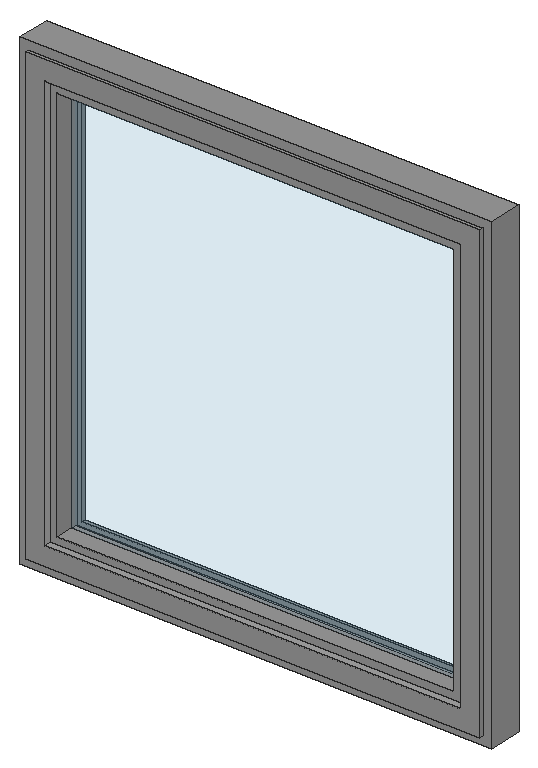
Revit family "Kawneer_Window_GT70s_Pos004", category Windows, host Wall, Revit 2020
Family settings
  Host = Wall
  OmniClass Number = 23.30.20.00
  OmniClass Title = Windows
  Always vertical = Yes
  Cut with Voids When Loaded = No
  Shared = No
  Room Calculation Point = No
Parameters (values of type "1000mm(w)x1000mm(h)")
  _ObjectUserGuide = "www.bimstore.co.uk"
  _DistributedBy = "www.bimstore.co.uk"
  _CurrentRevision = 1
  _CreatedBy = "https://www.bimstore.co/"
  _BimSpecGuid = 0
  _BSBibleVersion = 16
  _AuthorizedBy = "bimstore"
  _Author = "BS"
  WarrantyStartDate [instance] = "Please record on commissioning."
  WarrantyGuarantorParts = "kuk.kawneer@arconic.com"
  WarrantyGuarantorLabor = "kuk.kawneer@arconic.com"
  WarrantyDurationUnit = "Years"
  WarrantyDurationParts = "n/a"
  WarrantyDurationLabor = "n/a"
  WarrantyDescription = "Kawneer Lifetime Guarantee"
  WallThickness [instance] = 300 mm
  URL = "https://www.kawneer.com"
  TypeName = Model  # "GT70s - Pos 004"
  Type Comments = "1000mm(w)x1000mm(h)"
  TopPanel = 600 mm
  SpareParts = "n/a"
  Size = Type Comments  # "1000mm(w)x1000mm(h)"
  Shape = "Rectangle"
  SerialNumber [instance] = "Please record on commissioning."
  Rough Width = Width  # 1000 mm
  Rough Height = Height  # 1000 mm
  ReplacementCost = "n/a"
  ReferencedStandard = "n/a"
  ProductionYear = "2022"
  OffsetOutward [instance] = if(ExternalRevealDepth > 0 mm, 0 mm, 0 mm - ExternalRevealDepth)  # 0 mm
  OffsetInward [instance] = if(OffsetOutward = 0 mm, ExternalRevealDepth, 0 mm)  # 30 mm
  NominalLength = Width  # 1000 mm
  NominalHeight = Height  # 1000 mm
  NominalDepth = FrameDepth  # 72 mm
  NBSReference = "45-25-99/310"
  NBSOfficeMasterTag = "n/a"
  NBSObjectName = "Kawneer - Aluminium window units"
  NBSNote = "n/a"
  NBSDescription = "Aluminium window units"
  ModelReference = Type Comments  # "1000mm(w)x1000mm(h)"
  ModelNumber = Model  # "GT70s - Pos 004"
  Model = "GT70s - Pos 004"
  Material = "Aluminium"
  ManufacturerName = "Kawneer UK Limited"
  Manufacturer = "Kawneer UK Limited"
  Keynote = "L10/330"
  JambTolerance = 0 mm
  IronmongeryMaterial [instance] = Aluminum
  InternalRevealThickness = 5 mm
  InternalRevealDepth [instance] = WallThickness - ExternalRevealDepth - FrameDepth  # 198 mm
  InstallationDate [instance] = "Please record on commissioning."
  IfcExportType = "IfcWindowTypeEnum.WINDOW"
  IfcExportAs = "IfcWindow"
  Height = 1000 mm
  HeadTolerance = 0 mm
  HasCill [instance] = no
  Grade = "n/a"
  GlazingThickness = 28 mm  # constant formula
  GlazingMaterial [instance] = Kawneer Glass
  GlassThickness = 6 mm  # constant formula
  GlassOffset_EXT = 7 mm  # constant formula
  FrameWidth = 79 mm  # constant formula
  FrameMaterial [instance] = Aluminum
  Finish = "PPC"
  Features = "n/a"
  ExternalRevealDepth [instance] = 30 mm
  ExpectedLife = 0
  DurationUnit = "Years"
  DocumentationTechnical = "n/a"
  DocumentationMaintenance = "n/a"
  DocumentationLiterature = "https://www.kawneer.com"
  DocumentationInstallationGuide = "n/a"
  DocumentationCertificates = "n/a"
  Description = "Window"
  FrameDepth = 72 mm  # constant formula
  Default Cill Height = 800 mm
  Wall Closure = By host
  Width = 1000 mm
  CreatedOn = "12-09.2022 T09:00:00"
  CreatedBy = "kuk.kawneer@arconic.com"
  Constituents = "n/a"
  Color = "n/a"
  CodePerformance = "n/a"
  ClassificationValue = "Pr_30_59_98_02"
  ClassificationName = "Uniclass2015"
  CillHeight [instance] = if(HasCill, 30 mm, 0 mm)  # 0 mm
  BottomPanel = 600 mm
  BarCode [instance] = "Please record on commissioning."
  BIMObjectName = "Kawneer_Window_GT70s_Pos004"
  AssetType = "Fixed"
  AssetIdentifier [instance] = "n/a"
  Assembly Code = "B2020100"
  AccessibilityPerformance = "n/a"
Reference planes
  plane 1 "Center (Front/Back)": y = 0
  plane 2 "Center (Left/Right)": x = 0
  plane 3 "Left": x = -500
  plane 4 "Right": x = 500
  plane 5 "Sill": z = 800
  plane 6 "Head": z = 1800
  plane 7 "Exterior": y = 150
  plane 8 "Interior": y = -150
  plane 9 "Front": y = 120
  plane 10 "Frame Rear": y = 48
  plane 11 "Base": z = 800
  plane 12 "Offset Inward": y = 120
  plane 13: x = -495
  plane 14: x = 495
  plane 15 "7": z = 1795
  plane 16 "Int Wrap": y = 48
  plane 17 "CL": z = 1300
  plane 18 "JAMB TOL A": x = -500
  plane 19 "JAMB TOL B": x = 500
  plane 20 "HEAD TOL": z = 1800
  plane 21 "HEAD TOL E": z = 1721
  plane 22 "HEAD TOL F": z = 879
  plane 23 "Handle Int": y = 48
Forms (mm)
  Extrusion 1, void
    sketch origin (0, 0, 0) x (1, 0, 0) y (0, 1, 0)
      loop
        line (-495, 48) -> (-495, -150) -> (495, -150) -> (495, 48) -> (-495, 48)
    from 800 to 1795
  Extrusion 2, void
    sketch origin (0, 0, 0) x (1, 0, 0) y (0, 1, 0)
      loop
        line (-500, 150) -> (-500, 48) -> (500, 48) -> (500, 150) -> (-500, 150)
    from 800 to 1800
Lines and regions (mm)
  Masking region 1
    outline origin (-500, 0, 0) x (0, -1, 0) y (0, 0, 1)
      loop
        line (150, 1800) -> (-48, 1800) -> (-48, 1795) -> (150, 1795) -> (150, 1800)
Text (mm)
  text "EXTERIOR" at (-1963.203, 1332.353, 0), in view "Ref. Level"
  text "INTERIOR" at (-1981.466, -818.386, 0), in view "Ref. Level"
  text "Exterior" at (0, 923.751, 2943.296), in view "Right"
  text "Exterior" at (0, 1040.484, 2685.409), in view "Left"
Dimensions and locks
  equal spacing: plane 3 "Left", plane 2 "Center (Left/Right)", plane 4 "Right"
  "Width": plane 3 "Left" to plane 4 "Right"
  "Height": plane 5 "Sill" to plane 6 "Head"
  "Default Cill Height": plane 5 "Sill" to level
  locked: plane 7 "Exterior" to host wall
  locked: plane 8 "Interior" to host wall
  "FrameDepth": plane 9 "Front" to plane 10 "Frame Rear"
  "OffsetInward": plane 12 "Offset Inward" to plane 7 "Exterior"
  "OffsetOutward": plane 9 "Front" to plane 12 "Offset Inward"
  "InternalRevealThickness": plane 3 "Left" to plane 13
  "InternalRevealThickness": plane 14 to plane 4 "Right"
  "InternalRevealThickness": plane 6 "Head" to plane 15 "7"
  "InternalRevealDepth": plane 8 "Interior" to plane 16 "Int Wrap"
  "WallThickness": host wall to host wall
  equal spacing: plane 5 "Sill", plane 17 "CL", plane 6 "Head"
  "JambTolerance": plane 19 "JAMB TOL B" to plane 4 "Right"
  "JambTolerance": plane 3 "Left" to plane 18 "JAMB TOL A"
  "HeadTolerance": plane 20 "HEAD TOL" to plane 6 "Head"
  "FrameWidth": plane 21 "HEAD TOL E" to plane 20 "HEAD TOL"
  "FrameWidth": plane 11 "Base" to plane 22 "HEAD TOL F"
  "CillHeight": plane 5 "Sill" to plane 11 "Base"
  locked: plane 9 "Front" to plane 23 "Handle Int" at 72
  aligned and locked: Extrusion 1 sketch curve to plane 16 "Int Wrap"
  aligned and locked: Extrusion 1 sketch curve to plane 13
  aligned and locked: Extrusion 1 sketch curve to plane 14
  aligned and locked: Extrusion 1 sketch curve to plane 8 "Interior"
  aligned and locked: Extrusion 1 to plane 15 "7"
  aligned and locked: plane 5 "Sill" to Extrusion 1
  aligned and locked: Extrusion 2 sketch curve to plane 3 "Left"
  aligned and locked: plane 4 "Right" to Extrusion 2 sketch curve
  aligned and locked: plane 16 "Int Wrap" to Extrusion 2 sketch curve
  aligned and locked: Extrusion 2 to plane 6 "Head"
  aligned and locked: plane 5 "Sill" to Extrusion 2
  aligned and locked: plane 7 "Exterior" to Extrusion 2 sketch curve
  aligned and locked: plane 16 "Int Wrap" to Masking region 1 sketch curve
  aligned and locked: plane 15 "7" to Masking region 1 sketch curve
  aligned and locked: Masking region 1 sketch curve to plane 6 "Head"
  aligned and locked: host wall to Masking region 1 sketch curve
  aligned and locked: nested 1 to plane 20 "HEAD TOL"
  aligned and locked: nested 1 to plane 11 "Base"
  aligned and locked: nested 1 to plane 19 "JAMB TOL B"
  aligned and locked: plane 18 "JAMB TOL A" to nested 1
  aligned and locked: plane 9 "Front" to nested 1
Nested families
  nested 1: "Kawneer_GT70s_Pos004" at (500, 120, 1300) x (-1, 0, 0) z (0, 0, 1), FrameMaterial <- "FrameMaterial", GlassMaterial <- "GlazingMaterial", type "Kawneer_GT70s_Pos004"
    with Width 1000 mm, Height 1000 mm, GlassMaterial Kawneer Glass, FrameMaterial Aluminum
Definition of nested family "Kawneer_GT70s_Pos004"
  Parameters (values of type "Kawneer_GT70s_Pos004")
    Width [instance] = 1000 mm
    TopPanel = 600 mm
    Offset = 0 mm
    Height [instance] = 1000 mm
    GlassMaterial [instance] = none
    GPane = 6 mm
    FrameMaterial [instance] = none
    Default Elevation = 0 mm
    BottomPanel = 600 mm
  Reference planes
    plane 1 "Center (Front/Back)": y = 0
    plane 2: z = 0
    plane 3 "Center (Left/Right)": x = 0
    plane 4 "Frame Front": y = 0
    plane 5 "Frame": y = 72
    plane 6: x = 1000
    plane 7: z = 500
    plane 8: z = -500
    plane 9 "Glass Front": y = 7
    plane 10: y = 13
    plane 11: y = 29
    plane 12: y = 35
    plane 13 "CL": x = 500
    plane 14: x = 69
    plane 15: x = 931
    plane 16: z = 431
    plane 17: z = -431
  Forms (mm)
    Extrusion 1, solid, material <- "GlassMaterial"
      sketch origin (0, 0, 0) x (1, 0, 0) y (0, 1, 0)
        loop
          line (69, 35) -> (69, 29) -> (931, 29) -> (931, 35) -> (69, 35)
        loop
          line (69, 13) -> (69, 7) -> (931, 7) -> (931, 13) -> (69, 13)
      from -431 to 431
    Sweep 2, solid, material <- "FrameMaterial"
      path origin (0, 0, 0) x (-1, 0, 0) y (0, 0, 1)
        loop
          line (-1000, 500) -> (-1000, -500) -> (0, -500) -> (0, 500) -> (-1000, 500)
      profile "Kawneer_GT70s_JambOpen_Profile : Kawneer_GT70s_JambOpen_Profile" origin (1000, 0, 0) x (-1, 0, 0) y (0, 1, 0)
        loop
          line (0, 72) -> (0, 0) -> (39, 0) -> (39, 4.7) -> (51, 4.7) -> (51, 0) -> (79, 0) -> (79, 7) -> (69, 7) -> (69, 35) -> (79, 35) -> (79, 72) -> (64, 72) -> (58.398, 80) -> (18, 80) -> (18, 72) -> (0, 72)
  Lines and regions (mm)
    symbolic lines
      curve 1: line (79, 7, 421) -> (500, 7, -421)
      curve 2: line (500, 7, -421) -> (921, 7, 421)
  Dimensions and locks
    equal spacing: plane 7, level, plane 8
    "Height": plane 7 to plane 8
    "Width": plane 6 to plane 3 "Center (Left/Right)"
    locked: plane 5 "Frame" to plane 4 "Frame Front" at 72
    "Offset": plane 4 "Frame Front" to plane 1 "Center (Front/Back)"
    equal spacing: plane 6, plane 13 "CL", plane 3 "Center (Left/Right)"
    locked: plane 9 "Glass Front" to plane 4 "Frame Front" at 7
    locked: plane 12 to plane 9 "Glass Front" at 28
    "GPane": plane 12 to plane 11
    "GPane": plane 10 to plane 9 "Glass Front"
    locked: plane 14 to plane 3 "Center (Left/Right)" at 69
    locked: plane 6 to plane 15 at 69
    locked: plane 7 to plane 16 at 69
    locked: plane 17 to plane 8 at 69
    aligned and locked: level to plane 2
    aligned and locked: Extrusion 1 sketch curve to plane 12
    aligned and locked: plane 11 to Extrusion 1 sketch curve
    aligned and locked: Extrusion 1 sketch curve to plane 10
    aligned and locked: plane 9 "Glass Front" to Extrusion 1 sketch curve
    aligned and locked: plane 6 to nested 1
    aligned and locked: plane 4 "Frame Front" to nested 1
    aligned and locked: plane 3 "Center (Left/Right)" to nested 2
    aligned and locked: nested 2 to plane 4 "Frame Front"
    aligned and locked: plane 14 to Extrusion 1 sketch curve  (x2)
    aligned and locked: Extrusion 1 sketch curve to plane 15  (x2)
    aligned and locked: plane 6 to Sweep 2 sketch curve
    aligned and locked: plane 8 to Sweep 2 sketch curve
    aligned and locked: plane 7 to Sweep 2 sketch curve
    aligned and locked: plane 3 "Center (Left/Right)" to Sweep 2 sketch curve
    aligned and locked: nested 3 to plane 7
    aligned and locked: plane 5 "Frame" to nested 3
    aligned and locked: nested 4 to plane 8
    aligned and locked: nested 4 to plane 4 "Frame Front"
    aligned and locked: plane 16 to Extrusion 1
    aligned and locked: Extrusion 1 to plane 17
  Automatic sketch dimensions
    curve 2 to plane 13 "CL" = 0 mm
    plane 17 to curve 1 = 10 mm
    curve 2 to plane 15 = 10 mm
    plane 14 to curve 1 = 10 mm
    curve 2 to plane 16 = 10 mm
    curve 1 to plane 16 = 10 mm
  Nested families
    nested 1: "Kawneer_GT70s_Jamb" at (1000, 72, 0), type "Jamb Open"
      with Open yes
    nested 2: "Kawneer_GT70s_Jamb" at (0, 72, 0) x (-1, 0, 0) z (0, 0, 1), type "Jamb Open"
      with Open yes
    nested 3: "Kawneer_GT70s_Jamb" at (0, 72, 500) x (0, 0, 1) z (1, 0, 0), type "Jamb Open"
      with Open yes
    nested 4: "Kawneer_GT70s_Jamb" at (0, 72, -500) x (0, 0, -1) z (1, 0, 0), type "Jamb Open"
      with Open yes
  Definition of nested family "Kawneer_GT70s_Jamb"
    Parameters (values of type "Jamb Open")
      Open [instance] = yes
    Reference planes
      plane 1 "Center (Front/Back)": y = 0
      plane 2: z = 0
      plane 3 "Center (Left/Right)": x = 0
      plane 4: x = -79
      plane 5: x = -69
      plane 6: y = -37
      plane 7: y = -65
      plane 8: y = -72
    Lines and regions (mm)
      model lines, in view "Ref. Level", detail levels fine
        curve 1: arc (-15.5, -1.4, 0) -> (-15.641, -1.459, 0) -> (-15.7, -1.6, 0) r 0.2
        curve 2: arc (-15.7, -1.6, 0) -> (-15.759, -1.741, 0) -> (-15.9, -1.8, 0) r 0.2
        curve 3: arc (-17, -1.8, 0) -> (-17.141, -1.859, 0) -> (-17.2, -2, 0) r 0.2
        curve 4: arc (-17.2, -3.013, 0) -> (-17.259, -3.154, 0) -> (-17.4, -3.213, 0) r 0.2
        curve 5: arc (-17.4, -3.213, 0) -> (-17.541, -3.271, 0) -> (-17.6, -3.413, 0) r 0.2
        curve 6: arc (-17.6, -15.2, 0) -> (-17.541, -15.341, 0) -> (-17.4, -15.4, 0) r 0.2
        curve 7: arc (-17.4, -15.4, 0) -> (-17.259, -15.459, 0) -> (-17.2, -15.6, 0) r 0.2
        curve 8: arc (-17.2, -16.5, 0) -> (-17.141, -16.641, 0) -> (-17, -16.7, 0) r 0.2
        curve 9: arc (-16.273, -16.7, 0) -> (-16.173, -16.727, 0) -> (-16.1, -16.8, 0) r 0.2
        curve 10: arc (-16.1, -16.8, 0) -> (-16.027, -16.873, 0) -> (-15.927, -16.9, 0) r 0.2
        curve 11: arc (-8.073, -16.9, 0) -> (-7.973, -16.873, 0) -> (-7.9, -16.8, 0) r 0.2
        curve 12: arc (-7.9, -16.8, 0) -> (-7.827, -16.727, 0) -> (-7.727, -16.7, 0) r 0.2
        curve 13: arc (-7, -16.7, 0) -> (-6.859, -16.641, 0) -> (-6.8, -16.5, 0) r 0.2
        curve 14: arc (-6.8, -15.6, 0) -> (-6.741, -15.459, 0) -> (-6.6, -15.4, 0) r 0.2
        curve 15: arc (-6.6, -15.4, 0) -> (-6.459, -15.341, 0) -> (-6.4, -15.2, 0) r 0.2
        curve 16: arc (-6.4, -3.413, 0) -> (-6.459, -3.271, 0) -> (-6.6, -3.213, 0) r 0.2
        curve 17: arc (-6.6, -3.213, 0) -> (-6.741, -3.154, 0) -> (-6.8, -3.013, 0) r 0.2
        curve 18: arc (-6.8, -2, 0) -> (-6.859, -1.859, 0) -> (-7, -1.8, 0) r 0.2
        curve 19: arc (-8.1, -1.8, 0) -> (-8.241, -1.741, 0) -> (-8.3, -1.6, 0) r 0.2
        curve 20: arc (-8.3, -1.6, 0) -> (-8.359, -1.459, 0) -> (-8.5, -1.4, 0) r 0.2
        curve 21: arc (-0.5, 0, 0) -> (-0.146, -0.146, 0) -> (0, -0.5, 0) r 0.5
        curve 22: arc (0, -2.342, 0) -> (-0.333, -3.447, 0) -> (-1.222, -4.184, 0) r 2
        curve 23: arc (-1.222, -4.184, 0) -> (-1.411, -4.167, 0) -> (-1.5, -4, 0) r 0.2
        curve 24: arc (-1.5, -2.3, 0) -> (-1.646, -1.946, 0) -> (-2, -1.8, 0) r 0.5
        curve 25: arc (-4.5, -1.8, 0) -> (-4.854, -1.946, 0) -> (-5, -2.3, 0) r 0.5
        curve 26: arc (-5, -15.8, 0) -> (-4.854, -16.154, 0) -> (-4.5, -16.3, 0) r 0.5
        curve 27: arc (-2, -16.3, 0) -> (-1.646, -16.154, 0) -> (-1.5, -15.8, 0) r 0.5
        curve 28: arc (-1.5, -14.4, 0) -> (-1.406, -14.23, 0) -> (-1.212, -14.22, 0) r 0.2
        curve 29: arc (-1.212, -14.22, 0) -> (-0.474, -14.884, 0) -> (-0.2, -15.839, 0) r 1.8
        curve 30: arc (-0.2, -18.6, 0) -> (-0.493, -19.307, 0) -> (-1.2, -19.6, 0) r 1
        curve 31: arc (-1.3, -19.6, 0) -> (-1.441, -19.541, 0) -> (-1.5, -19.4, 0) r 0.2
        curve 32: arc (-1.5, -18.2, 0) -> (-1.559, -18.059, 0) -> (-1.7, -18, 0) r 0.2
        curve 33: arc (-4.3, -18, 0) -> (-4.795, -18.205, 0) -> (-5, -18.7, 0) r 0.7
        curve 34: arc (-5, -21.367, 0) -> (-5.15, -21.627, 0) -> (-5.45, -21.627, 0) r 0.3
        curve 35: arc (-7.18, -20.628, 0) -> (-7.288, -20.366, 0) -> (-7.027, -20.258, 0) r 0.2
        curve 36: arc (-6.413, -18.777, 0) -> (-6.432, -18.589, 0) -> (-6.598, -18.5, 0) r 0.2
        curve 37: arc (-10.2, -18.5, 0) -> (-10.341, -18.559, 0) -> (-10.4, -18.7, 0) r 0.2
        curve 38: arc (-9.614, -20.602, 0) -> (-9.384, -20.785, 0) -> (-9.584, -21, 0) r 0.2
        curve 39: arc (-9.961, -21, 0) -> (-10.754, -20.893, 0) -> (-11.49, -20.581, 0) r 3
        curve 40: arc (-11.49, -20.581, 0) -> (-12, -20.441, 0) -> (-12.51, -20.581, 0) r 1
        curve 41: arc (-12.51, -20.581, 0) -> (-13.246, -20.893, 0) -> (-14.039, -21, 0) r 3
        curve 42: arc (-14.416, -21, 0) -> (-14.615, -20.782, 0) -> (-14.381, -20.603, 0) r 0.2
        curve 43: arc (-13.6, -18.7, 0) -> (-13.659, -18.559, 0) -> (-13.8, -18.5, 0) r 0.2
        curve 44: arc (-17.402, -18.5, 0) -> (-17.568, -18.589, 0) -> (-17.587, -18.777, 0) r 0.2
        curve 45: arc (-16.973, -20.258, 0) -> (-16.712, -20.366, 0) -> (-16.82, -20.628, 0) r 0.2
        curve 46: arc (-18.55, -21.627, 0) -> (-18.85, -21.627, 0) -> (-19, -21.367, 0) r 0.3
        curve 47: arc (-19, -18.7, 0) -> (-19.205, -18.205, 0) -> (-19.7, -18, 0) r 0.7
        curve 48: arc (-22.3, -18, 0) -> (-22.441, -18.059, 0) -> (-22.5, -18.2, 0) r 0.2
        curve 49: arc (-22.5, -19.4, 0) -> (-22.559, -19.541, 0) -> (-22.7, -19.6, 0) r 0.2
        curve 50: arc (-22.8, -19.6, 0) -> (-23.507, -19.307, 0) -> (-23.8, -18.6, 0) r 1
        curve 51: arc (-23.8, -15.839, 0) -> (-23.526, -14.884, 0) -> (-22.788, -14.22, 0) r 1.8
        curve 52: arc (-22.788, -14.22, 0) -> (-22.594, -14.23, 0) -> (-22.5, -14.4, 0) r 0.2
        curve 53: arc (-22.5, -15.8, 0) -> (-22.354, -16.154, 0) -> (-22, -16.3, 0) r 0.5
        curve 54: arc (-19.5, -16.3, 0) -> (-19.146, -16.154, 0) -> (-19, -15.8, 0) r 0.5
        curve 55: arc (-19, -2.3, 0) -> (-19.146, -1.946, 0) -> (-19.5, -1.8, 0) r 0.5
        curve 56: arc (-22, -1.8, 0) -> (-22.354, -1.946, 0) -> (-22.5, -2.3, 0) r 0.5
        curve 57: arc (-22.5, -4, 0) -> (-22.589, -4.167, 0) -> (-22.778, -4.184, 0) r 0.2
        curve 58: arc (-22.778, -4.184, 0) -> (-23.667, -3.447, 0) -> (-24, -2.342, 0) r 2
        curve 59: arc (-24, -0.5, 0) -> (-23.854, -0.146, 0) -> (-23.5, 0, 0) r 0.5
        curve 60: arc (-15.25, -35.5, 0) -> (-15.674, -35.324, 0) -> (-15.85, -34.9, 0) r 0.6
        curve 61: arc (-15.85, -34.9, 0) -> (-15.674, -34.476, 0) -> (-15.25, -34.3, 0) r 0.6
        curve 62: arc (-6.964, -34.3, 0) -> (-6.608, -34.151, 0) -> (-6.464, -33.794, 0) r 0.5
        curve 63: arc (-6.464, -33.794, 0) -> (-6.545, -30.287, 0) -> (-6.697, -26.783, 0) r 172.05
        curve 64: arc (-6.697, -26.783, 0) -> (-6.905, -25.843, 0) -> (-7.395, -25.015, 0) r 3.049
        curve 65: arc (-8.779, -23.365, 0) -> (-9.328, -22.473, 0) -> (-9.481, -21.437, 0) r 2.599
        curve 66: arc (-9.481, -20.971, 0) -> (-9.498, -20.844, 0) -> (-9.548, -20.726, 0) r 0.5
        curve 67: arc (-10.4, -18.7, 0) -> (-10.341, -18.559, 0) -> (-10.2, -18.5, 0) r 0.2
        curve 68: arc (-9.179, -18.5, 0) -> (-8.92, -18.65, 0) -> (-8.92, -18.95, 0) r 0.3
        curve 69: arc (-8.92, -18.95, 0) -> (-8.4, -19.85, 0) -> (-7.88, -18.95, 0) r 0.6
        curve 70: arc (-7.88, -18.95, 0) -> (-7.88, -18.65, 0) -> (-7.621, -18.5, 0) r 0.3
        curve 71: arc (-6.8, -18.5, 0) -> (-6.659, -18.559, 0) -> (-6.6, -18.7, 0) r 0.2
        curve 72: arc (-7.103, -20.871, 0) -> (-6.886, -21.58, 0) -> (-6.355, -22.099, 0) r 1.5
        curve 73: arc (-5.55, -22.564, 0) -> (-5.184, -22.93, 0) -> (-5.05, -23.43, 0) r 1
        curve 74: arc (-5.05, -48.57, 0) -> (-5.184, -49.07, 0) -> (-5.55, -49.436, 0) r 1
        curve 75: arc (-6.355, -49.901, 0) -> (-6.886, -50.42, 0) -> (-7.103, -51.129, 0) r 1.5
        curve 76: arc (-6.6, -53.3, 0) -> (-6.659, -53.441, 0) -> (-6.8, -53.5, 0) r 0.2
        curve 77: arc (-7.621, -53.5, 0) -> (-7.88, -53.35, 0) -> (-7.88, -53.05, 0) r 0.3
        curve 78: arc (-7.88, -53.05, 0) -> (-8.4, -52.15, 0) -> (-8.92, -53.05, 0) r 0.6
        curve 79: arc (-8.92, -53.05, 0) -> (-8.92, -53.35, 0) -> (-9.179, -53.5, 0) r 0.3
        curve 80: arc (-10.2, -53.5, 0) -> (-10.341, -53.441, 0) -> (-10.4, -53.3, 0) r 0.2
        curve 81: arc (-9.548, -51.274, 0) -> (-9.498, -51.153, 0) -> (-9.481, -51.024, 0) r 0.5
        curve 82: arc (-9.481, -50.566, 0) -> (-9.301, -49.539, 0) -> (-8.78, -48.636, 0) r 2.996
        curve 83: arc (-7.395, -46.986, 0) -> (-6.902, -46.158, 0) -> (-6.697, -45.216, 0) r 3.002
        curve 84: arc (-6.697, -45.216, 0) -> (-6.512, -40.61, 0) -> (-6.45, -36, 0) r 172.47
        curve 85: arc (-6.45, -36, 0) -> (-6.596, -35.646, 0) -> (-6.95, -35.5, 0) r 0.5
        curve 86: arc (-8.15, -36.5, 0) -> (-7.726, -36.676, 0) -> (-7.55, -37.1, 0) r 0.6
        curve 87: arc (-7.55, -37.1, 0) -> (-7.726, -37.524, 0) -> (-8.15, -37.7, 0) r 0.6
        curve 88: arc (-17.036, -37.7, 0) -> (-17.392, -37.849, 0) -> (-17.536, -38.206, 0) r 0.5
        curve 89: arc (-17.536, -38.206, 0) -> (-17.455, -41.713, 0) -> (-17.303, -45.217, 0) r 172.05
        curve 90: arc (-17.303, -45.217, 0) -> (-17.095, -46.157, 0) -> (-16.605, -46.985, 0) r 3.049
        curve 91: arc (-15.221, -48.635, 0) -> (-14.672, -49.527, 0) -> (-14.519, -50.563, 0) r 2.599
        curve 92: arc (-14.519, -51.029, 0) -> (-14.502, -51.156, 0) -> (-14.452, -51.274, 0) r 0.5
        curve 93: arc (-13.6, -53.3, 0) -> (-13.659, -53.441, 0) -> (-13.8, -53.5, 0) r 0.2
        curve 94: arc (-14.821, -53.5, 0) -> (-15.08, -53.35, 0) -> (-15.08, -53.05, 0) r 0.3
        curve 95: arc (-15.08, -53.05, 0) -> (-15.6, -52.15, 0) -> (-16.12, -53.05, 0) r 0.6
        curve 96: arc (-16.12, -53.05, 0) -> (-16.12, -53.35, 0) -> (-16.379, -53.5, 0) r 0.3
        curve 97: arc (-17.2, -53.5, 0) -> (-17.341, -53.441, 0) -> (-17.4, -53.3, 0) r 0.2
        curve 98: arc (-16.897, -51.129, 0) -> (-17.114, -50.42, 0) -> (-17.645, -49.901, 0) r 1.5
        curve 99: arc (-18.45, -49.436, 0) -> (-18.816, -49.07, 0) -> (-18.95, -48.57, 0) r 1
        curve 100: arc (-18.95, -46.5, 0) -> (-19.093, -46.143, 0) -> (-19.45, -46, 0) r 0.49
        curve 101: arc (-22.15, -46, 0) -> (-22.362, -46.088, 0) -> (-22.45, -46.3, 0) r 0.3
        curve 102: arc (-22.45, -46.9, 0) -> (-22.596, -47.254, 0) -> (-22.95, -47.4, 0) r 0.5
        curve 103: arc (-22.95, -47.4, 0) -> (-23.304, -47.254, 0) -> (-23.45, -46.9, 0) r 0.5
        curve 104: arc (-23.45, -43.9, 0) -> (-23.303, -43.547, 0) -> (-22.95, -43.4, 0) r 0.502
        curve 105: arc (-22.95, -43.4, 0) -> (-22.596, -43.546, 0) -> (-22.45, -43.9, 0) r 0.5
        curve 106: arc (-22.45, -44.5, 0) -> (-22.362, -44.712, 0) -> (-22.15, -44.8, 0) r 0.3
        curve 107: arc (-19.45, -44.8, 0) -> (-19.096, -44.654, 0) -> (-18.95, -44.3, 0) r 0.5
        curve 108: arc (-18.95, -23.43, 0) -> (-18.816, -22.93, 0) -> (-18.45, -22.564, 0) r 1
        curve 109: arc (-17.645, -22.099, 0) -> (-17.114, -21.58, 0) -> (-16.897, -20.871, 0) r 1.5
        curve 110: arc (-17.4, -18.7, 0) -> (-17.341, -18.559, 0) -> (-17.2, -18.5, 0) r 0.2
        curve 111: arc (-16.379, -18.5, 0) -> (-16.12, -18.65, 0) -> (-16.12, -18.95, 0) r 0.3
        curve 112: arc (-16.12, -18.95, 0) -> (-15.6, -19.85, 0) -> (-15.08, -18.95, 0) r 0.6
        curve 113: arc (-15.08, -18.95, 0) -> (-15.08, -18.65, 0) -> (-14.821, -18.5, 0) r 0.3
        curve 114: arc (-13.8, -18.5, 0) -> (-13.659, -18.559, 0) -> (-13.6, -18.7, 0) r 0.2
        curve 115: arc (-14.452, -20.726, 0) -> (-14.502, -20.844, 0) -> (-14.519, -20.971, 0) r 0.5
        curve 116: arc (-14.519, -21.437, 0) -> (-14.7, -22.462, 0) -> (-15.22, -23.364, 0) r 2.996
        curve 117: arc (-16.605, -25.014, 0) -> (-17.098, -25.842, 0) -> (-17.303, -26.784, 0) r 3.002
        curve 118: arc (-17.303, -26.784, 0) -> (-17.488, -31.39, 0) -> (-17.55, -36, 0) r 172.47
        curve 119: arc (-17.55, -36, 0) -> (-17.404, -36.354, 0) -> (-17.05, -36.5, 0) r 0.5
        curve 120: arc (-8.5, -70.6, 0) -> (-8.359, -70.541, 0) -> (-8.3, -70.4, 0) r 0.2
        curve 121: arc (-8.3, -70.4, 0) -> (-8.241, -70.259, 0) -> (-8.1, -70.2, 0) r 0.2
        curve 122: arc (-7, -70.2, 0) -> (-6.859, -70.141, 0) -> (-6.8, -70, 0) r 0.2
        curve 123: arc (-6.8, -68.9, 0) -> (-6.741, -68.759, 0) -> (-6.6, -68.7, 0) r 0.2
        curve 124: arc (-6.6, -68.7, 0) -> (-6.459, -68.641, 0) -> (-6.4, -68.5, 0) r 0.2
        curve 125: arc (-6.4, -57, 0) -> (-6.459, -56.859, 0) -> (-6.6, -56.8, 0) r 0.2
        curve 126: arc (-6.6, -56.8, 0) -> (-6.741, -56.741, 0) -> (-6.8, -56.6, 0) r 0.2
        curve 127: arc (-6.8, -55.5, 0) -> (-6.859, -55.359, 0) -> (-7, -55.3, 0) r 0.2
        curve 128: arc (-8.1, -55.3, 0) -> (-8.2, -55.273, 0) -> (-8.273, -55.2, 0) r 0.2
        curve 129: arc (-8.273, -55.2, 0) -> (-8.346, -55.127, 0) -> (-8.446, -55.1, 0) r 0.2
        curve 130: arc (-15.554, -55.1, 0) -> (-15.654, -55.127, 0) -> (-15.727, -55.2, 0) r 0.2
        curve 131: arc (-15.727, -55.2, 0) -> (-15.8, -55.273, 0) -> (-15.9, -55.3, 0) r 0.2
        curve 132: arc (-17, -55.3, 0) -> (-17.141, -55.359, 0) -> (-17.2, -55.5, 0) r 0.2
        curve 133: arc (-17.2, -56.6, 0) -> (-17.259, -56.741, 0) -> (-17.4, -56.8, 0) r 0.2
        curve 134: arc (-17.4, -56.8, 0) -> (-17.541, -56.859, 0) -> (-17.6, -57, 0) r 0.2
        curve 135: arc (-17.6, -68.5, 0) -> (-17.541, -68.641, 0) -> (-17.4, -68.7, 0) r 0.2
        curve 136: arc (-17.4, -68.7, 0) -> (-17.259, -68.759, 0) -> (-17.2, -68.9, 0) r 0.2
        curve 137: arc (-17.2, -70, 0) -> (-17.141, -70.141, 0) -> (-17, -70.2, 0) r 0.2
        curve 138: arc (-15.9, -70.2, 0) -> (-15.759, -70.259, 0) -> (-15.7, -70.4, 0) r 0.2
        curve 139: arc (-15.7, -70.4, 0) -> (-15.641, -70.541, 0) -> (-15.5, -70.6, 0) r 0.2
        curve 140: arc (-38.5, -72, 0) -> (-38.854, -71.854, 0) -> (-39, -71.5, 0) r 0.5
        curve 141: arc (-39, -68.5, 0) -> (-38.854, -68.146, 0) -> (-38.5, -68, 0) r 0.5
        curve 142: arc (-37, -68, 0) -> (-36.646, -68.146, 0) -> (-36.5, -68.5, 0) r 0.5
        curve 143: arc (-36.5, -68.8, 0) -> (-36.559, -68.941, 0) -> (-36.7, -69, 0) r 0.2
        curve 144: arc (-37.3, -69, 0) -> (-37.654, -69.146, 0) -> (-37.8, -69.5, 0) r 0.5
        curve 145: arc (-37.8, -70.1, 0) -> (-37.654, -70.454, 0) -> (-37.3, -70.6, 0) r 0.5
        curve 146: arc (-32.7, -70.6, 0) -> (-32.346, -70.454, 0) -> (-32.2, -70.1, 0) r 0.5
        curve 147: arc (-32.2, -69.5, 0) -> (-32.346, -69.146, 0) -> (-32.7, -69, 0) r 0.5
        curve 148: arc (-33.3, -69, 0) -> (-33.441, -68.941, 0) -> (-33.5, -68.8, 0) r 0.2
        curve 149: arc (-33.5, -68.5, 0) -> (-33.354, -68.146, 0) -> (-33, -68, 0) r 0.5
        curve 150: arc (-29.9, -68, 0) -> (-29.5, -68.4, 0) -> (-29.9, -68.8, 0) r 0.4
        curve 151: arc (-30.8, -68.8, 0) -> (-30.941, -68.859, 0) -> (-31, -69, 0) r 0.2
        curve 152: arc (-31, -69.9, 0) -> (-30.854, -70.254, 0) -> (-30.5, -70.4, 0) r 0.5
        curve 153: arc (-19.489, -70.211, 0) -> (-19.143, -70.061, 0) -> (-19, -69.711, 0) r 0.5
        curve 154: arc (-19, -56.2, 0) -> (-19.146, -55.846, 0) -> (-19.5, -55.7, 0) r 0.5
        curve 155: arc (-22.3, -55.7, 0) -> (-22.441, -55.759, 0) -> (-22.5, -55.9, 0) r 0.2
        curve 156: arc (-22.5, -57.094, 0) -> (-22.559, -57.235, 0) -> (-22.7, -57.294, 0) r 0.2
        curve 157: arc (-22.7, -57.294, 0) -> (-23.266, -57.059, 0) -> (-23.5, -56.494, 0) r 0.8
        curve 158: arc (-23.5, -53.3, 0) -> (-23, -52.8, 0) -> (-22.5, -53.3, 0) r 0.5
        curve 159: arc (-22.5, -53.9, 0) -> (-22.412, -54.112, 0) -> (-22.2, -54.2, 0) r 0.3
        curve 160: arc (-19.7, -54.2, 0) -> (-19.205, -53.995, 0) -> (-19, -53.5, 0) r 0.7
        curve 161: arc (-19, -50.633, 0) -> (-18.85, -50.373, 0) -> (-18.55, -50.373, 0) r 0.3
        curve 162: arc (-16.82, -51.372, 0) -> (-16.712, -51.634, 0) -> (-16.973, -51.742, 0) r 0.2
        curve 163: arc (-17.587, -53.223, 0) -> (-17.568, -53.411, 0) -> (-17.402, -53.5, 0) r 0.2
        curve 164: arc (-13.8, -53.5, 0) -> (-13.659, -53.441, 0) -> (-13.6, -53.3, 0) r 0.2
        curve 165: arc (-14.386, -51.398, 0) -> (-14.616, -51.215, 0) -> (-14.416, -51, 0) r 0.2
        curve 166: arc (-14.039, -51, 0) -> (-13.246, -51.107, 0) -> (-12.51, -51.419, 0) r 3
        curve 167: arc (-12.51, -51.419, 0) -> (-12, -51.559, 0) -> (-11.49, -51.419, 0) r 1
        curve 168: arc (-11.49, -51.419, 0) -> (-10.754, -51.107, 0) -> (-9.961, -51, 0) r 3
        curve 169: arc (-9.584, -51, 0) -> (-9.385, -51.217, 0) -> (-9.618, -51.397, 0) r 0.2
        curve 170: arc (-10.4, -53.3, 0) -> (-10.341, -53.441, 0) -> (-10.2, -53.5, 0) r 0.2
        curve 171: arc (-6.598, -53.5, 0) -> (-6.432, -53.411, 0) -> (-6.413, -53.223, 0) r 0.2
        curve 172: arc (-7.027, -51.742, 0) -> (-7.288, -51.634, 0) -> (-7.18, -51.372, 0) r 0.2
        curve 173: arc (-5.45, -50.373, 0) -> (-5.15, -50.373, 0) -> (-5, -50.633, 0) r 0.3
        curve 174: arc (-5, -53.3, 0) -> (-4.795, -53.795, 0) -> (-4.3, -54, 0) r 0.7
        curve 175: arc (-1.7, -54, 0) -> (-1.559, -53.941, 0) -> (-1.5, -53.8, 0) r 0.2
        curve 176: arc (-1.5, -52.6, 0) -> (-1.441, -52.459, 0) -> (-1.3, -52.4, 0) r 0.2
        curve 177: arc (-1.2, -52.4, 0) -> (-0.493, -52.693, 0) -> (-0.2, -53.4, 0) r 1
        curve 178: arc (-0.2, -56.161, 0) -> (-0.474, -57.116, 0) -> (-1.212, -57.78, 0) r 1.8
        curve 179: arc (-1.212, -57.78, 0) -> (-1.406, -57.77, 0) -> (-1.5, -57.6, 0) r 0.2
        curve 180: arc (-1.5, -56.2, 0) -> (-1.646, -55.846, 0) -> (-2, -55.7, 0) r 0.5
        curve 181: arc (-4.5, -55.7, 0) -> (-4.854, -55.846, 0) -> (-5, -56.2, 0) r 0.5
        curve 182: arc (-5, -69.7, 0) -> (-4.854, -70.054, 0) -> (-4.5, -70.2, 0) r 0.5
        curve 183: arc (-2, -70.2, 0) -> (-1.646, -70.054, 0) -> (-1.5, -69.7, 0) r 0.5
        curve 184: arc (-1.5, -68, 0) -> (-1.411, -67.833, 0) -> (-1.222, -67.816, 0) r 0.2
        curve 185: arc (-1.222, -67.816, 0) -> (-0.333, -68.553, 0) -> (0, -69.658, 0) r 2
        curve 186: arc (0, -71.5, 0) -> (-0.146, -71.854, 0) -> (-0.5, -72, 0) r 0.5
        curve 510: line (-8.5, -1.4, 0) -> (-12, -1.4, 0)
        curve 511: line (-12, -1.4, 0) -> (-15.5, -1.4, 0)
        curve 512: line (-15.9, -1.8, 0) -> (-17, -1.8, 0)
        curve 513: line (-17.2, -2, 0) -> (-17.2, -3.013, 0)
        curve 514: line (-17.6, -3.413, 0) -> (-17.6, -9.306, 0)
        curve 515: line (-17.6, -9.306, 0) -> (-17.6, -15.2, 0)
        curve 516: line (-17.2, -15.6, 0) -> (-17.2, -16.5, 0)
        curve 517: line (-17, -16.7, 0) -> (-16.273, -16.7, 0)
        curve 518: line (-15.927, -16.9, 0) -> (-12, -16.9, 0)
        curve 519: line (-12, -16.9, 0) -> (-8.073, -16.9, 0)
        curve 520: line (-7.727, -16.7, 0) -> (-7, -16.7, 0)
        curve 521: line (-6.8, -16.5, 0) -> (-6.8, -15.6, 0)
        curve 522: line (-6.4, -15.2, 0) -> (-6.4, -9.306, 0)
        curve 523: line (-6.4, -9.306, 0) -> (-6.4, -3.413, 0)
        curve 524: line (-6.8, -3.013, 0) -> (-6.8, -2, 0)
        curve 525: line (-7, -1.8, 0) -> (-8.1, -1.8, 0)
        curve 526: line (-23.5, 0, 0) -> (-0.5, 0, 0)
        curve 527: line (0, -0.5, 0) -> (0, -2.342, 0)
        curve 528: line (-1.5, -4, 0) -> (-1.5, -2.3, 0)
        curve 529: line (-2, -1.8, 0) -> (-4.5, -1.8, 0)
        curve 530: line (-5, -2.3, 0) -> (-5, -15.8, 0)
        curve 531: line (-4.5, -16.3, 0) -> (-2, -16.3, 0)
        curve 532: line (-1.5, -15.8, 0) -> (-1.5, -14.4, 0)
        curve 533: line (-0.2, -15.839, 0) -> (-0.2, -18.6, 0)
        curve 534: line (-1.5, -19.4, 0) -> (-1.5, -18.2, 0)
        curve 535: line (-1.7, -18, 0) -> (-4.3, -18, 0)
        curve 536: line (-5, -18.7, 0) -> (-5, -21.367, 0)
        curve 537: line (-7.027, -20.258, 0) -> (-6.413, -18.777, 0)
        curve 538: line (-6.598, -18.5, 0) -> (-10.2, -18.5, 0)
        curve 539: line (-10.2, -18.5, 0) -> (-9.179, -18.5, 0)
        curve 540: line (-10.4, -18.7, 0) -> (-10.4, -19.24, 0)
        curve 541: line (-10.4, -19.24, 0) -> (-9.614, -20.602, 0)
        curve 542: line (-9.614, -20.602, 0) -> (-10.4, -19.25, 0)
        curve 543: line (-10.4, -19.25, 0) -> (-10.4, -18.7, 0)
        curve 544: line (-9.481, -21.437, 0) -> (-9.584, -21, 0)
        curve 545: line (-9.584, -21, 0) -> (-9.961, -21, 0)
        curve 546: line (-14.039, -21, 0) -> (-14.416, -21, 0)
        curve 547: line (-14.416, -21, 0) -> (-14.519, -21.437, 0)
        curve 548: line (-14.386, -20.602, 0) -> (-13.6, -19.24, 0)
        curve 549: line (-13.6, -19.24, 0) -> (-13.6, -18.7, 0)
        curve 550: line (-13.6, -18.7, 0) -> (-13.6, -19.25, 0)
        curve 551: line (-13.6, -19.25, 0) -> (-14.452, -20.726, 0)
        curve 552: line (-14.821, -18.5, 0) -> (-13.8, -18.5, 0)
        curve 553: line (-13.8, -18.5, 0) -> (-17.402, -18.5, 0)
        curve 554: line (-17.587, -18.777, 0) -> (-16.973, -20.258, 0)
        curve 555: line (-17.4, -18.7, 0) -> (-17.4, -19.581, 0)
        curve 556: line (-17.4, -19.581, 0) -> (-16.82, -20.628, 0)
        curve 557: line (-16.82, -20.628, 0) -> (-17.921, -21.264, 0)
        curve 558: line (-17.921, -21.264, 0) -> (-18.55, -21.627, 0)
        curve 559: line (-19, -21.367, 0) -> (-19, -18.7, 0)
        curve 560: line (-19.7, -18, 0) -> (-22.3, -18, 0)
        curve 561: line (-22.5, -18.2, 0) -> (-22.5, -19.4, 0)
        curve 562: line (-23.8, -18.6, 0) -> (-23.8, -15.839, 0)
        curve 563: line (-22.5, -14.4, 0) -> (-22.5, -15.8, 0)
        curve 564: line (-22, -16.3, 0) -> (-19.5, -16.3, 0)
        curve 565: line (-19, -15.8, 0) -> (-19, -2.3, 0)
        curve 566: line (-19.5, -1.8, 0) -> (-22, -1.8, 0)
        curve 567: line (-22.5, -2.3, 0) -> (-22.5, -4, 0)
        curve 568: line (-24, -2.342, 0) -> (-24, -0.5, 0)
        curve 569: line (-6.95, -35.5, 0) -> (-15.25, -35.5, 0)
        curve 570: line (-15.25, -34.3, 0) -> (-6.964, -34.3, 0)
        curve 571: line (-7.395, -25.015, 0) -> (-8.779, -23.365, 0)
        curve 572: line (-7.621, -18.5, 0) -> (-6.8, -18.5, 0)
        curve 573: line (-6.6, -18.7, 0) -> (-6.6, -19.581, 0)
        curve 574: line (-6.6, -19.581, 0) -> (-7.081, -20.742, 0)
        curve 575: line (-7.081, -20.742, 0) -> (-6.079, -21.264, 0)
        curve 576: line (-6.079, -21.264, 0) -> (-5.45, -21.627, 0)
        curve 577: line (-6.355, -22.099, 0) -> (-5.55, -22.564, 0)
        curve 578: line (-5.05, -23.43, 0) -> (-5.05, -48.57, 0)
        curve 579: line (-5.55, -49.436, 0) -> (-6.355, -49.901, 0)
        curve 580: line (-5.45, -50.373, 0) -> (-6.079, -50.736, 0)
        curve 581: line (-6.079, -50.736, 0) -> (-7.081, -51.258, 0)
        curve 582: line (-7.081, -51.258, 0) -> (-6.6, -52.419, 0)
        curve 583: line (-6.6, -52.419, 0) -> (-6.6, -53.3, 0)
        curve 584: line (-6.8, -53.5, 0) -> (-7.621, -53.5, 0)
        curve 585: line (-9.179, -53.5, 0) -> (-10.2, -53.5, 0)
        curve 586: line (-10.2, -53.5, 0) -> (-6.598, -53.5, 0)
        curve 587: line (-10.4, -53.3, 0) -> (-10.4, -52.76, 0)
        curve 588: line (-10.4, -52.75, 0) -> (-9.548, -51.274, 0)
        curve 589: line (-9.548, -51.274, 0) -> (-10.4, -52.76, 0)
        curve 590: line (-10.4, -52.76, 0) -> (-10.4, -53.3, 0)
        curve 591: line (-9.961, -51, 0) -> (-9.481, -51.024, 0)
        curve 592: line (-9.481, -51.024, 0) -> (-9.481, -50.566, 0)
        curve 593: line (-8.78, -48.636, 0) -> (-7.395, -46.986, 0)
        curve 594: line (-17.05, -36.5, 0) -> (-8.15, -36.5, 0)
        curve 595: line (-8.15, -37.7, 0) -> (-17.036, -37.7, 0)
        curve 596: line (-16.605, -46.985, 0) -> (-15.221, -48.635, 0)
        curve 597: line (-14.519, -50.563, 0) -> (-14.519, -51.024, 0)
        curve 598: line (-14.519, -51.024, 0) -> (-14.039, -51, 0)
        curve 599: line (-14.452, -51.274, 0) -> (-13.6, -52.75, 0)
        curve 600: line (-13.6, -52.75, 0) -> (-13.6, -53.3, 0)
        curve 601: line (-13.6, -53.3, 0) -> (-13.6, -52.76, 0)
        curve 602: line (-13.6, -52.76, 0) -> (-14.386, -51.398, 0)
        curve 603: line (-17.402, -53.5, 0) -> (-13.8, -53.5, 0)
        curve 604: line (-13.8, -53.5, 0) -> (-14.821, -53.5, 0)
        curve 605: line (-16.379, -53.5, 0) -> (-17.2, -53.5, 0)
        curve 606: line (-17.645, -49.901, 0) -> (-18.45, -49.436, 0)
        curve 607: line (-18.95, -48.57, 0) -> (-18.95, -46.5, 0)
        curve 608: line (-19.45, -46, 0) -> (-22.15, -46, 0)
        curve 609: line (-22.45, -46.3, 0) -> (-22.45, -46.9, 0)
        curve 610: line (-23.45, -46.9, 0) -> (-23.45, -43.9, 0)
        curve 611: line (-22.45, -43.9, 0) -> (-22.45, -44.5, 0)
        curve 612: line (-22.15, -44.8, 0) -> (-19.45, -44.8, 0)
        curve 613: line (-18.95, -44.3, 0) -> (-18.95, -23.43, 0)
        curve 614: line (-18.45, -22.564, 0) -> (-17.645, -22.099, 0)
        curve 615: line (-17.2, -18.5, 0) -> (-16.379, -18.5, 0)
        curve 616: line (-15.22, -23.364, 0) -> (-16.605, -25.014, 0)
        curve 617: line (-15.5, -70.6, 0) -> (-8.5, -70.6, 0)
        curve 618: line (-8.1, -70.2, 0) -> (-7, -70.2, 0)
        curve 619: line (-6.8, -70, 0) -> (-6.8, -68.9, 0)
        curve 620: line (-6.4, -68.5, 0) -> (-6.4, -57, 0)
        curve 621: line (-6.8, -56.6, 0) -> (-6.8, -55.5, 0)
        curve 622: line (-7, -55.3, 0) -> (-8.1, -55.3, 0)
        curve 623: line (-8.446, -55.1, 0) -> (-15.554, -55.1, 0)
        curve 624: line (-15.9, -55.3, 0) -> (-17, -55.3, 0)
        curve 625: line (-17.2, -55.5, 0) -> (-17.2, -56.6, 0)
        curve 626: line (-17.6, -57, 0) -> (-17.6, -68.5, 0)
        curve 627: line (-17.2, -68.9, 0) -> (-17.2, -70, 0)
        curve 628: line (-17, -70.2, 0) -> (-15.9, -70.2, 0)
        curve 629: line (-0.5, -72, 0) -> (-38.5, -72, 0)
        curve 630: line (-39, -71.5, 0) -> (-39, -68.5, 0)
        curve 632: line (-38.5, -68, 0) -> (-37, -68, 0)
        curve 633: line (-36.5, -68.5, 0) -> (-36.5, -68.8, 0)
        curve 634: line (-36.7, -69, 0) -> (-37.3, -69, 0)
        curve 635: line (-37.8, -69.5, 0) -> (-37.8, -70.1, 0)
        curve 636: line (-37.3, -70.6, 0) -> (-32.7, -70.6, 0)
        curve 637: line (-32.2, -70.1, 0) -> (-32.2, -69.5, 0)
        curve 638: line (-32.7, -69, 0) -> (-33.3, -69, 0)
        curve 639: line (-33.5, -68.8, 0) -> (-33.5, -68.5, 0)
        curve 640: line (-33, -68, 0) -> (-29.9, -68, 0)
        curve 641: line (-29.9, -68.8, 0) -> (-30.8, -68.8, 0)
        curve 642: line (-31, -69, 0) -> (-31, -69.9, 0)
        curve 643: line (-30.5, -70.4, 0) -> (-28, -70.4, 0)
        curve 644: line (-28, -70.4, 0) -> (-19.489, -70.211, 0)
        curve 645: line (-19, -69.711, 0) -> (-19, -56.2, 0)
        curve 646: line (-19.5, -55.7, 0) -> (-22.3, -55.7, 0)
        curve 647: line (-22.5, -55.9, 0) -> (-22.5, -57.094, 0)
        curve 648: line (-23.5, -56.494, 0) -> (-23.5, -53.3, 0)
        curve 649: line (-22.5, -53.3, 0) -> (-22.5, -53.9, 0)
        curve 650: line (-22.2, -54.2, 0) -> (-19.7, -54.2, 0)
        curve 651: line (-19, -53.5, 0) -> (-19, -50.633, 0)
        curve 652: line (-18.55, -50.373, 0) -> (-17.921, -50.736, 0)
        curve 653: line (-17.921, -50.736, 0) -> (-16.82, -51.372, 0)
        curve 654: line (-16.82, -51.372, 0) -> (-17.4, -52.419, 0)
        curve 655: line (-17.4, -52.419, 0) -> (-17.4, -53.3, 0)
        curve 656: line (-16.973, -51.742, 0) -> (-17.587, -53.223, 0)
        curve 657: line (-6.413, -53.223, 0) -> (-7.027, -51.742, 0)
        curve 658: line (-5, -50.633, 0) -> (-5, -53.3, 0)
        curve 659: line (-4.3, -54, 0) -> (-1.7, -54, 0)
        curve 660: line (-1.5, -53.8, 0) -> (-1.5, -52.6, 0)
        curve 661: line (-0.2, -53.4, 0) -> (-0.2, -56.161, 0)
        curve 662: line (-1.5, -57.6, 0) -> (-1.5, -56.2, 0)
        curve 663: line (-2, -55.7, 0) -> (-4.5, -55.7, 0)
        curve 664: line (-5, -56.2, 0) -> (-5, -69.7, 0)
        curve 665: line (-4.5, -70.2, 0) -> (-2, -70.2, 0)
        curve 666: line (-1.5, -69.7, 0) -> (-1.5, -68, 0)
        curve 667: line (0, -69.658, 0) -> (0, -71.5, 0)
      model lines, in view "Ref. Level", visible <- "Open", detail levels fine
        curve 187: arc (-57.354, -70.354, 0) -> (-57.191, -70.462, 0) -> (-57, -70.5, 0) r 0.5
        curve 188: arc (-54.5, -70.5, 0) -> (-54.146, -70.354, 0) -> (-54, -70, 0) r 0.5
        curve 189: arc (-54, -67.8, 0) -> (-53.414, -66.386, 0) -> (-52, -65.8, 0) r 2
        curve 190: arc (-47.3, -65.8, 0) -> (-47.159, -65.741, 0) -> (-47.1, -65.6, 0) r 0.2
        curve 191: arc (-47.1, -58.6, 0) -> (-47.159, -58.459, 0) -> (-47.3, -58.4, 0) r 0.2
        curve 192: arc (-57.3, -58.4, 0) -> (-57.441, -58.459, 0) -> (-57.5, -58.6, 0) r 0.2
        curve 193: arc (-57.5, -70, 0) -> (-57.462, -70.191, 0) -> (-57.354, -70.354, 0) r 0.5
        curve 194: arc (-78.5, -72, 0) -> (-78.854, -71.854, 0) -> (-79, -71.5, 0) r 0.5
        curve 195: arc (-79, -68.5, 0) -> (-78.854, -68.146, 0) -> (-78.5, -68, 0) r 0.5
        curve 196: arc (-77, -68, 0) -> (-76.646, -68.146, 0) -> (-76.5, -68.5, 0) r 0.5
        curve 197: arc (-76.5, -68.8, 0) -> (-76.559, -68.941, 0) -> (-76.7, -69, 0) r 0.2
        curve 198: arc (-77.3, -69, 0) -> (-77.654, -69.146, 0) -> (-77.8, -69.5, 0) r 0.5
        curve 199: arc (-77.8, -70.1, 0) -> (-77.654, -70.454, 0) -> (-77.3, -70.6, 0) r 0.5
        curve 200: arc (-72.7, -70.6, 0) -> (-72.346, -70.454, 0) -> (-72.2, -70.1, 0) r 0.5
        curve 201: arc (-72.2, -69.5, 0) -> (-72.346, -69.146, 0) -> (-72.7, -69, 0) r 0.5
        curve 202: arc (-73.3, -69, 0) -> (-73.441, -68.941, 0) -> (-73.5, -68.8, 0) r 0.2
        curve 203: arc (-73.5, -68.5, 0) -> (-73.354, -68.146, 0) -> (-73, -68, 0) r 0.5
        curve 204: arc (-69.9, -68, 0) -> (-69.5, -68.4, 0) -> (-69.9, -68.8, 0) r 0.4
        curve 205: arc (-70.8, -68.8, 0) -> (-70.941, -68.859, 0) -> (-71, -69, 0) r 0.2
        curve 206: arc (-71, -69.9, 0) -> (-70.854, -70.254, 0) -> (-70.5, -70.4, 0) r 0.5
        curve 207: arc (-59.489, -70.211, 0) -> (-59.143, -70.061, 0) -> (-59, -69.711, 0) r 0.5
        curve 208: arc (-59, -53.933, 0) -> (-58.85, -53.673, 0) -> (-58.55, -53.673, 0) r 0.3
        curve 209: arc (-56.82, -54.672, 0) -> (-56.712, -54.934, 0) -> (-56.973, -55.042, 0) r 0.2
        curve 210: arc (-57.587, -56.523, 0) -> (-57.568, -56.711, 0) -> (-57.402, -56.8, 0) r 0.2
        curve 211: arc (-53.8, -56.8, 0) -> (-53.659, -56.741, 0) -> (-53.6, -56.6, 0) r 0.2
        curve 212: arc (-54.386, -54.698, 0) -> (-54.616, -54.515, 0) -> (-54.416, -54.3, 0) r 0.2
        curve 213: arc (-54.039, -54.3, 0) -> (-52.861, -54.541, 0) -> (-51.872, -55.225, 0) r 3
        curve 214: arc (-51.872, -55.225, 0) -> (-51.15, -55.533, 0) -> (-50.428, -55.225, 0) r 1
        curve 215: arc (-50.428, -55.225, 0) -> (-49.439, -54.541, 0) -> (-48.261, -54.3, 0) r 3
        curve 216: arc (-47.884, -54.3, 0) -> (-47.684, -54.515, 0) -> (-47.914, -54.698, 0) r 0.2
        curve 217: arc (-48.7, -56.6, 0) -> (-48.641, -56.741, 0) -> (-48.5, -56.8, 0) r 0.2
        curve 218: arc (-44.898, -56.8, 0) -> (-44.732, -56.711, 0) -> (-44.713, -56.523, 0) r 0.2
        curve 219: arc (-45.327, -55.042, 0) -> (-45.588, -54.934, 0) -> (-45.48, -54.672, 0) r 0.2
        curve 220: arc (-43.75, -53.673, 0) -> (-43.45, -53.673, 0) -> (-43.3, -53.933, 0) r 0.3
        curve 221: arc (-43.3, -57.228, 0) -> (-43.252, -57.359, 0) -> (-43.13, -57.426, 0) r 0.2
        curve 222: arc (-42.263, -57.588, 0) -> (-42.146, -57.657, 0) -> (-42.1, -57.785, 0) r 0.2
        curve 223: arc (-42.1, -58.4, 0) -> (-42.159, -58.541, 0) -> (-42.3, -58.6, 0) r 0.2
        curve 224: arc (-45.1, -58.6, 0) -> (-45.454, -58.746, 0) -> (-45.6, -59.1, 0) r 0.5
        curve 225: arc (-45.6, -65.3, 0) -> (-45.454, -65.654, 0) -> (-45.1, -65.8, 0) r 0.5
        curve 226: arc (-43.7, -65.8, 0) -> (-43.346, -65.946, 0) -> (-43.2, -66.3, 0) r 0.5
        curve 227: arc (-43.2, -66.8, 0) -> (-43.346, -67.154, 0) -> (-43.7, -67.3, 0) r 0.5
        curve 228: arc (-52, -67.3, 0) -> (-52.354, -67.446, 0) -> (-52.5, -67.8, 0) r 0.5
        curve 229: arc (-52.5, -70, 0) -> (-52.354, -70.354, 0) -> (-52, -70.5, 0) r 0.5
        curve 230: arc (-51.5, -70.5, 0) -> (-51.146, -70.646, 0) -> (-51, -71, 0) r 0.5
        curve 231: arc (-51, -71.5, 0) -> (-51.146, -71.854, 0) -> (-51.5, -72, 0) r 0.5
        curve 232: arc (-41.8, -19.8, 0) -> (-41.859, -19.941, 0) -> (-42, -20, 0) r 0.2
        curve 233: arc (-43.6, -20, 0) -> (-43.7, -20.027, 0) -> (-43.773, -20.1, 0) r 0.2
        curve 234: arc (-43.773, -20.1, 0) -> (-43.846, -20.173, 0) -> (-43.946, -20.2, 0) r 0.2
        curve 235: arc (-55.527, -20.2, 0) -> (-55.627, -20.173, 0) -> (-55.7, -20.1, 0) r 0.2
        curve 236: arc (-55.7, -20.1, 0) -> (-55.773, -20.027, 0) -> (-55.873, -20, 0) r 0.2
        curve 237: arc (-57, -20, 0) -> (-57.141, -19.941, 0) -> (-57.2, -19.8, 0) r 0.2
        curve 238: arc (-57.2, -18.7, 0) -> (-57.242, -18.578, 0) -> (-57.35, -18.506, 0) r 0.2
        curve 239: arc (-57.35, -18.506, 0) -> (-57.458, -18.435, 0) -> (-57.5, -18.313, 0) r 0.2
        curve 240: arc (-57.5, -3.887, 0) -> (-57.458, -3.765, 0) -> (-57.35, -3.694, 0) r 0.2
        curve 241: arc (-57.35, -3.694, 0) -> (-57.242, -3.622, 0) -> (-57.2, -3.5, 0) r 0.2
        curve 242: arc (-57.2, -2.405, 0) -> (-57.242, -2.283, 0) -> (-57.35, -2.212, 0) r 0.2
        curve 243: arc (-57.35, -2.212, 0) -> (-57.45, -2.15, 0) -> (-57.498, -2.044, 0) r 0.2
        curve 244: arc (-57.498, -2.044, 0) -> (-58.161, -0.798, 0) -> (-59.482, -0.3, 0) r 2
        curve 245: arc (-61.418, -0.3, 0) -> (-61.862, -0.031, 0) -> (-61.828, 0.487, 0) r 0.5
        curve 246: arc (-57.767, 6.287, 0) -> (-57.588, 6.444, 0) -> (-57.357, 6.5, 0) r 0.5
        curve 247: arc (-57.357, 8, 0) -> (-58.281, 7.774, 0) -> (-58.996, 7.147, 0) r 2
        curve 248: arc (-63.91, 0.129, 0) -> (-63.977, -0.007, 0) -> (-64, -0.158, 0) r 0.5
        curve 249: arc (-64, -2.342, 0) -> (-63.655, -3.464, 0) -> (-62.739, -4.2, 0) r 2
        curve 250: arc (-62.778, -4.184, 0) -> (-62.589, -4.167, 0) -> (-62.5, -4, 0) r 0.2
        curve 251: arc (-62.5, -2.3, 0) -> (-62.354, -1.946, 0) -> (-62, -1.8, 0) r 0.5
        curve 252: arc (-59.5, -1.8, 0) -> (-59.146, -1.946, 0) -> (-59, -2.3, 0) r 0.5
        curve 253: arc (-59, -15.8, 0) -> (-59.146, -16.154, 0) -> (-59.5, -16.3, 0) r 0.5
        curve 254: arc (-62, -16.3, 0) -> (-62.354, -16.154, 0) -> (-62.5, -15.8, 0) r 0.5
        curve 255: arc (-62.5, -14.4, 0) -> (-62.594, -14.23, 0) -> (-62.788, -14.22, 0) r 0.2
        curve 256: arc (-62.788, -14.22, 0) -> (-63.526, -14.884, 0) -> (-63.8, -15.839, 0) r 1.8
        curve 257: arc (-63.8, -17, 0) -> (-63.507, -17.707, 0) -> (-62.8, -18, 0) r 1
        curve 258: arc (-59.7, -18, 0) -> (-59.205, -18.205, 0) -> (-59, -18.7, 0) r 0.7
        curve 259: arc (-59, -24.667, 0) -> (-58.85, -24.927, 0) -> (-58.55, -24.927, 0) r 0.3
        curve 260: arc (-56.82, -23.928, 0) -> (-56.712, -23.666, 0) -> (-56.973, -23.558, 0) r 0.2
        curve 261: arc (-57.587, -22.077, 0) -> (-57.568, -21.889, 0) -> (-57.402, -21.8, 0) r 0.2
        curve 262: arc (-53.8, -21.8, 0) -> (-53.659, -21.859, 0) -> (-53.6, -22, 0) r 0.2
        curve 263: arc (-54.386, -23.902, 0) -> (-54.616, -24.085, 0) -> (-54.416, -24.3, 0) r 0.2
        curve 264: arc (-54.039, -24.3, 0) -> (-52.861, -24.059, 0) -> (-51.872, -23.375, 0) r 3
        curve 265: arc (-51.872, -23.375, 0) -> (-51.15, -23.067, 0) -> (-50.428, -23.375, 0) r 1
        curve 266: arc (-50.428, -23.375, 0) -> (-49.439, -24.059, 0) -> (-48.261, -24.3, 0) r 3
        curve 267: arc (-47.884, -24.3, 0) -> (-47.684, -24.085, 0) -> (-47.914, -23.902, 0) r 0.2
        curve 268: arc (-48.698, -22.027, 0) -> (-48.651, -21.868, 0) -> (-48.5, -21.8, 0) r 0.2
        curve 269: arc (-44.898, -21.8, 0) -> (-44.732, -21.889, 0) -> (-44.713, -22.077, 0) r 0.2
        curve 270: arc (-45.327, -23.558, 0) -> (-45.588, -23.666, 0) -> (-45.48, -23.928, 0) r 0.2
        curve 271: arc (-43.75, -24.927, 0) -> (-43.45, -24.927, 0) -> (-43.3, -24.667, 0) r 0.3
        curve 272: arc (-43.3, -22.3, 0) -> (-43.154, -21.946, 0) -> (-42.8, -21.8, 0) r 0.5
        curve 273: arc (-42, -21.8, 0) -> (-41.9, -21.827, 0) -> (-41.827, -21.9, 0) r 0.2
        curve 274: arc (-41.827, -21.9, 0) -> (-41.754, -21.973, 0) -> (-41.654, -22, 0) r 0.2
        curve 275: arc (-36, -22, 0) -> (-35.646, -21.854, 0) -> (-35.5, -21.5, 0) r 0.5
        curve 276: arc (-35.5, -18, 0) -> (-35.646, -17.646, 0) -> (-36, -17.5, 0) r 0.5
        curve 277: arc (-36.5, -17.5, 0) -> (-36.854, -17.646, 0) -> (-37, -18, 0) r 0.5
        curve 278: arc (-37, -19.5, 0) -> (-37.146, -19.854, 0) -> (-37.5, -20, 0) r 0.5
        curve 279: arc (-39.207, -20, 0) -> (-39.485, -20.039, 0) -> (-39.74, -20.154, 0) r 1
        curve 280: arc (-39.74, -20.154, 0) -> (-40.112, -20.112, 0) -> (-40.154, -19.74, 0) r 0.3
        curve 281: arc (-40.154, -19.74, 0) -> (-40.039, -19.485, 0) -> (-40, -19.207, 0) r 1
        curve 282: arc (-40, -0.793, 0) -> (-40.039, -0.515, 0) -> (-40.154, -0.26, 0) r 1
        curve 283: arc (-40.154, -0.26, 0) -> (-40.112, 0.112, 0) -> (-39.74, 0.154, 0) r 0.3
        curve 284: arc (-39.74, 0.154, 0) -> (-39.485, 0.039, 0) -> (-39.207, 0, 0) r 1
        curve 285: arc (-37.5, 0, 0) -> (-37.146, -0.146, 0) -> (-37, -0.5, 0) r 0.5
        curve 286: arc (-37, -2, 0) -> (-36.854, -2.354, 0) -> (-36.5, -2.5, 0) r 0.5
        curve 287: arc (-36, -2.5, 0) -> (-35.646, -2.354, 0) -> (-35.5, -2, 0) r 0.5
        curve 288: arc (-35.5, 1.5, 0) -> (-35.646, 1.854, 0) -> (-36, 2, 0) r 0.5
        curve 289: arc (-39.5, 2, 0) -> (-39.854, 2.146, 0) -> (-40, 2.5, 0) r 0.5
        curve 290: arc (-40, 4.7, 0) -> (-39.561, 5.761, 0) -> (-38.5, 6.2, 0) r 1.5
        curve 291: arc (-25.6, 6.2, 0) -> (-25.246, 6.054, 0) -> (-25.1, 5.7, 0) r 0.5
        curve 292: arc (-25.1, 4.5, 0) -> (-24.954, 4.146, 0) -> (-24.6, 4, 0) r 0.5
        curve 293: arc (-23.8, 4, 0) -> (-23.446, 4.146, 0) -> (-23.3, 4.5, 0) r 0.5
        curve 294: arc (-23.3, 4.8, 0) -> (-23.359, 4.941, 0) -> (-23.5, 5, 0) r 0.2
        curve 295: arc (-23.8, 5, 0) -> (-24.154, 5.146, 0) -> (-24.3, 5.5, 0) r 0.5
        curve 296: arc (-24.3, 6.1, 0) -> (-24.154, 6.454, 0) -> (-23.8, 6.6, 0) r 0.5
        curve 297: arc (-19.7, 6.6, 0) -> (-19.346, 6.454, 0) -> (-19.2, 6.1, 0) r 0.5
        curve 298: arc (-19.2, 5.5, 0) -> (-19.346, 5.146, 0) -> (-19.7, 5, 0) r 0.5
        curve 299: arc (-20.2, 5, 0) -> (-20.341, 4.941, 0) -> (-20.4, 4.8, 0) r 0.2
        curve 300: arc (-20.4, 4.5, 0) -> (-20.254, 4.146, 0) -> (-19.9, 4, 0) r 0.5
        curve 301: arc (-18.5, 4, 0) -> (-18.146, 4.146, 0) -> (-18, 4.5, 0) r 0.5
        curve 302: arc (-18, 6, 0) -> (-18.586, 7.414, 0) -> (-20, 8, 0) r 2
        curve 303: arc (-57.05, -38.8, 0) -> (-57.404, -38.946, 0) -> (-57.55, -39.3, 0) r 0.5
        curve 304: arc (-57.55, -39.3, 0) -> (-57.488, -43.91, 0) -> (-57.303, -48.516, 0) r 172.47
        curve 305: arc (-57.303, -48.516, 0) -> (-57.098, -49.458, 0) -> (-56.605, -50.286, 0) r 3.002
